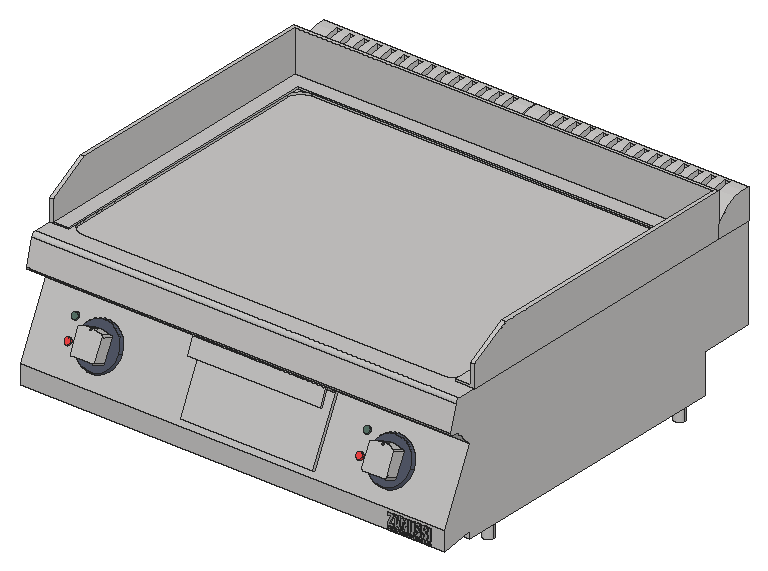
Revit family "QF_ZANUSSI_372340_Z7IIKDAOMEA", category Specialty Equipment, Revit 2018 (continued)
Definition of nested family "ZAN_Logo_S_Grey_Professional"
  Forms (mm)
    Extrusion 2, solid, material <- "Materiale"
      sketch origin (17.793, -46.218, 0) x (-1, 0, 0) y (0, -1, 0)
        loop
          spline (-4.54, -48.112) -> (-4.545, -48.463) -> (-4.556, -48.822) -> (-4.572, -49.188) -> (-4.587, -49.557) -> (-4.598, -49.929) -> (-4.603, -50.3) -> (-4.597, -50.668) -> (-4.577, -51.031) -> (-4.54, -51.388) -> (-4.482, -51.735) -> (-4.399, -52.071) -> (-4.288, -52.393)
          spline (-4.288, -52.393) -> (-4.176, -52.644) -> (-4.031, -52.894) -> (-3.857, -53.139) -> (-3.659, -53.377) -> (-3.439, -53.607) -> (-3.202, -53.825) -> (-2.952, -54.031) -> (-2.693, -54.221) -> (-2.429, -54.394) -> (-2.163, -54.547) -> (-1.9, -54.678) -> (-1.644, -54.786)
        loop
          spline (-16.755, -52.519) -> (-16.407, -53.083) -> (-15.998, -53.58) -> (-15.535, -54.012) -> (-15.024, -54.38) -> (-14.474, -54.684) -> (-13.89, -54.927) -> (-13.28, -55.11) -> (-12.651, -55.233) -> (-12.009, -55.299) -> (-11.362, -55.308) -> (-10.717, -55.263) -> (-10.081, -55.163)
          spline (-10.081, -55.163) -> (-9.638, -55.08) -> (-9.196, -54.956) -> (-8.761, -54.793) -> (-8.336, -54.594) -> (-7.93, -54.36) -> (-7.547, -54.093) -> (-7.192, -53.794) -> (-6.872, -53.466) -> (-6.592, -53.109) -> (-6.358, -52.726) -> (-6.176, -52.319) -> (-6.051, -51.889)
          spline (-6.051, -51.889) -> (-5.857, -51.316) -> (-5.715, -50.731) -> (-5.626, -50.14) -> (-5.589, -49.548) -> (-5.605, -48.959) -> (-5.673, -48.379) -> (-5.794, -47.812) -> (-5.967, -47.263) -> (-6.193, -46.736) -> (-6.471, -46.237) -> (-6.802, -45.771) -> (-7.185, -45.341)
          line (-7.185, -45.341) -> (-11.844, -41.186) -> (-12.851, -39.675)
          spline (-12.851, -39.675) -> (-12.882, -39.483) -> (-12.91, -39.288) -> (-12.934, -39.09) -> (-12.949, -38.891) -> (-12.954, -38.692) -> (-12.946, -38.494) -> (-12.921, -38.299) -> (-12.879, -38.108) -> (-12.816, -37.922) -> (-12.729, -37.742) -> (-12.615, -37.57) -> (-12.473, -37.408)
          line (-12.473, -37.408) -> (-11.214, -37.156)
          spline (-11.214, -37.156) -> (-10.768, -37.262) -> (-10.429, -37.445) -> (-10.183, -37.695) -> (-10.015, -38) -> (-9.912, -38.349) -> (-9.86, -38.73) -> (-9.845, -39.132) -> (-9.852, -39.544) -> (-9.868, -39.954) -> (-9.879, -40.351) -> (-9.871, -40.723) -> (-9.829, -41.06)
          line (-9.829, -41.06) -> (-5.422, -40.934)
          spline (-5.422, -40.934) -> (-5.367, -40.392) -> (-5.333, -39.839) -> (-5.323, -39.279) -> (-5.342, -38.719) -> (-5.395, -38.162) -> (-5.485, -37.613) -> (-5.616, -37.077) -> (-5.795, -36.559) -> (-6.024, -36.064) -> (-6.308, -35.597) -> (-6.651, -35.162) -> (-7.059, -34.764)
          spline (-7.059, -34.764) -> (-7.58, -34.383) -> (-8.132, -34.06) -> (-8.711, -33.794) -> (-9.311, -33.584) -> (-9.927, -33.43) -> (-10.553, -33.331) -> (-11.184, -33.288) -> (-11.816, -33.299) -> (-12.442, -33.365) -> (-13.057, -33.484) -> (-13.657, -33.657) -> (-14.236, -33.882)
          spline (-14.236, -33.882) -> (-14.49, -33.99) -> (-14.747, -34.121) -> (-15.006, -34.276) -> (-15.262, -34.451) -> (-15.515, -34.646) -> (-15.763, -34.858) -> (-16.003, -35.086) -> (-16.232, -35.328) -> (-16.45, -35.582) -> (-16.653, -35.847) -> (-16.839, -36.12) -> (-17.007, -36.401)
          spline (-17.007, -36.401) -> (-17.229, -37.006) -> (-17.395, -37.624) -> (-17.502, -38.25) -> (-17.552, -38.882) -> (-17.544, -39.515) -> (-17.479, -40.147) -> (-17.355, -40.773) -> (-17.174, -41.391) -> (-16.936, -41.996) -> (-16.639, -42.586) -> (-16.285, -43.157) -> (-15.873, -43.704)
          line (-15.873, -43.704) -> (-10.584, -48.489) -> (-9.955, -50.126) -> (-10.459, -51.386) -> (-11.592, -51.638) -> (-12.851, -50.756) -> (-12.977, -48.238) -> (-17.258, -48.112)
          spline (-17.258, -48.112) -> (-17.236, -48.492) -> (-17.23, -48.875) -> (-17.233, -49.261) -> (-17.24, -49.646) -> (-17.245, -50.03) -> (-17.243, -50.41) -> (-17.227, -50.785) -> (-17.193, -51.152) -> (-17.134, -51.512) -> (-17.046, -51.86) -> (-16.921, -52.196) -> (-16.755, -52.519)
        loop
          line (-18.014, -33.378) -> (-22.421, -33.378) -> (-22.421, -54.911) -> (-18.014, -54.911) -> (-18.014, -33.378)
        loop
          line (14.852, -38.541) -> (14.852, -54.911) -> (19.259, -54.911) -> (19.259, -40.43) -> (19.008, -36.904) -> (18.63, -36.023) -> (17.748, -34.89) -> (16.867, -34.26) -> (15.104, -33.504) -> (14.223, -33.378) -> (12.208, -33.378) -> (11.2, -33.63) -> (9.689, -34.512) -> (7.926, -37.03) -> (7.8, -37.912) -> (7.8, -54.911) -> (12.208, -54.911) -> (12.208, -38.919) -> (12.711, -37.786) -> (14.097, -37.66) -> (14.852, -38.541)
        loop
          line (20.267, -54.911) -> (24.296, -54.911) -> (24.296, -41.186) -> (27.948, -54.911) -> (32.607, -54.911) -> (32.607, -33.378) -> (28.704, -33.378) -> (28.704, -47.608) -> (25.052, -33.378) -> (20.267, -33.378) -> (20.267, -54.911)
        loop
          line (47.089, -54.911) -> (58.044, -54.911) -> (58.044, -50.882) -> (52.251, -51.008) -> (58.548, -37.786) -> (58.548, -33.378) -> (47.089, -33.378) -> (47.089, -37.786) -> (53.698, -37.786) -> (47.089, -51.26) -> (47.089, -54.911)
        loop
          line (36.889, -54.911) -> (42.933, -54.911) -> (46.837, -33.378) -> (42.303, -33.378) -> (41.674, -37.534) -> (38.022, -37.534) -> (37.392, -33.378) -> (32.859, -33.378) -> (36.889, -54.911)
        loop
          line (41.17, -41.438) -> (38.652, -41.438) -> (39.911, -51.231) -> (41.17, -41.438)
        loop
          line (57.627, -27.599) -> (56.511, -27.599)
          arc (56.511, -27.599) -> (55.334, -29.219) -> (56.822, -30.559) r 1.496
          line (56.822, -30.559) -> (58.548, -30.559) -> (58.548, -26.082) -> (57.627, -26.082) -> (57.627, -27.599)
        loop
          line (57.627, -29.713) -> (57.627, -28.464) -> (56.699, -28.464)
          arc (56.699, -28.464) -> (56.24, -29.089) -> (56.699, -29.713) r 0.654
          line (56.699, -29.713) -> (57.627, -29.713)
        loop
          line (50.633, -27.625) -> (49.682, -27.625) -> (48.755, -26.082) -> (47.711, -26.082) -> (48.871, -27.993)
          arc (48.871, -27.993) -> (48.433, -29.601) -> (49.798, -30.559) r 1.45
          line (49.798, -30.559) -> (51.553, -30.559) -> (51.553, -26.082) -> (50.633, -26.082) -> (50.633, -27.625)
        loop
          line (50.633, -29.713) -> (50.633, -28.464) -> (49.705, -28.464)
          arc (49.705, -28.464) -> (49.245, -29.089) -> (49.705, -29.713) r 0.654
          line (49.705, -29.713) -> (50.633, -29.713)
        loop
          line (36.111, -26.082) -> (35.19, -26.082) -> (35.19, -27.797) -> (33.505, -27.797) -> (33.505, -28.718) -> (35.19, -28.718) -> (35.19, -29.639) -> (33.344, -29.639) -> (33.344, -30.559) -> (36.111, -30.559) -> (36.111, -26.082)
        loop
          line (29.546, -26.082) -> (26.666, -26.082) -> (26.666, -27.002) -> (28.626, -27.002) -> (28.626, -27.797) -> (26.835, -27.797) -> (26.835, -28.718) -> (28.626, -28.718) -> (28.626, -29.639) -> (26.71, -29.639) -> (26.71, -30.559) -> (29.546, -30.559) -> (29.546, -26.082)
        loop
          line (9.21, -26.082) -> (8.289, -26.082) -> (8.289, -30.559) -> (9.21, -30.559) -> (9.21, -26.082)
        loop
          line (-5.024, -26.082) -> (-5.024, -28.898) -> (-7.072, -26.082) -> (-7.993, -26.082) -> (-7.993, -30.559) -> (-7.037, -30.559) -> (-7.037, -27.659) -> (-4.989, -30.559) -> (-4.069, -30.559) -> (-4.069, -26.082) -> (-5.024, -26.082)
        loop
          line (-11.621, -26.082) -> (-12.61, -26.082) -> (-13.045, -27.048) -> (-14.702, -27.048) -> (-15.137, -26.082) -> (-16.125, -26.082) -> (-14.375, -30.558) -> (-13.454, -30.558) -> (-11.621, -26.082)
        loop
          line (-19.779, -26.082) -> (-22.421, -26.082) -> (-22.421, -27.002) -> (-20.7, -27.002) -> (-20.7, -30.559) -> (-19.779, -30.559) -> (-19.779, -26.082)
        loop
          line (-13.875, -29.102) -> (-13.395, -27.931) -> (-14.333, -27.931) -> (-13.875, -29.102)
        loop
          circle (2.094, -28.293) r 1.482
        loop
          circle (2.094, -28.293) r 2.376
        loop
          arc (16.413, -27.085) -> (15.386, -26.141) -> (13.991, -26.107) r 1.985
          arc (13.991, -26.107) -> (13.047, -26.998) -> (13.375, -28.254) r 1.274
          arc (13.375, -28.254) -> (14.04, -28.662) -> (14.749, -28.985) r 6.355
          arc (14.749, -28.985) -> (15.14, -29.579) -> (14.494, -29.876) r 0.469
          arc (14.494, -29.876) -> (14.107, -29.64) -> (13.784, -29.321) r 1.958
          line (13.784, -29.321) -> (12.995, -29.795)
          arc (12.995, -29.795) -> (13.493, -30.326) -> (14.109, -30.712) r 2.834
          arc (14.109, -30.712) -> (16.031, -29.813) -> (14.826, -28.067) r 1.389
          spline (14.826, -28.067) -> (14.485, -27.906) -> (14.237, -27.756) -> (14.069, -27.617) -> (13.971, -27.49) -> (13.931, -27.375) -> (13.937, -27.273) -> (13.977, -27.185) -> (14.041, -27.112) -> (14.116, -27.053) -> (14.191, -27.011) -> (14.254, -26.985) -> (14.293, -26.976)
          arc (14.293, -26.976) -> (15.035, -26.992) -> (15.586, -27.489) r 1.064
          line (15.586, -27.489) -> (16.413, -27.085)
        loop
          arc (23.156, -27.085) -> (22.129, -26.141) -> (20.734, -26.107) r 1.985
          arc (20.734, -26.107) -> (19.79, -26.998) -> (20.118, -28.254) r 1.274
          arc (20.118, -28.254) -> (20.783, -28.662) -> (21.492, -28.985) r 6.355
          arc (21.492, -28.985) -> (21.883, -29.579) -> (21.237, -29.876) r 0.469
          arc (21.237, -29.876) -> (20.849, -29.64) -> (20.527, -29.321) r 1.958
          line (20.527, -29.321) -> (19.738, -29.795)
          arc (19.738, -29.795) -> (20.236, -30.326) -> (20.852, -30.712) r 2.834
          arc (20.852, -30.712) -> (22.774, -29.813) -> (21.568, -28.067) r 1.389
          spline (21.568, -28.067) -> (21.228, -27.906) -> (20.979, -27.756) -> (20.812, -27.617) -> (20.714, -27.49) -> (20.674, -27.375) -> (20.68, -27.273) -> (20.72, -27.185) -> (20.784, -27.112) -> (20.859, -27.053) -> (20.933, -27.011) -> (20.996, -26.985) -> (21.036, -26.976)
          arc (21.036, -26.976) -> (21.778, -26.992) -> (22.329, -27.489) r 1.064
          line (22.329, -27.489) -> (23.156, -27.085)
        loop
          circle (42.369, -28.293) r 1.482
        loop
          circle (42.369, -28.293) r 2.376
      from 0 to 1.644
  Dimensions and locks
    aligned and locked: plane 2 to Extrusion 1
    aligned and locked: level to Extrusion 1
